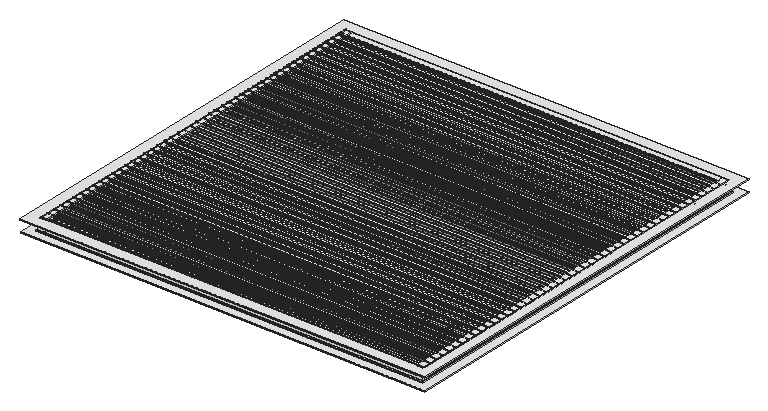
Revit family "NLRS_00_AIR_Muurrooster_ST-415_Storax", category Air Terminals, host Face, Revit 2023 (continued)
Definition of nested family "GEO_louvre_renson V-lamellen"
  Forms (mm)
    Sweep 12, solid, material <- "REN_V Material_01"
      profile "PRF_profile - middle_renson : standaard" origin (0, 360.3, 0) x (0, 1, 0) y (0, 0, 1)
        loop
          arc (-9.398, -15.534) -> (-6.542, -15.409) -> (-4.856, -13.101) r 3.3
          line (-4.856, -13.101) -> (0, -13.101) -> (0, -11.9) -> (-4.856, -11.9)
          arc (-4.856, -11.9) -> (-6.542, -9.591) -> (-9.398, -9.466) r 3.3
          arc (-9.398, -9.466) -> (-9.966, -9.531) -> (-10.476, -9.276) r 1.001
          line (-10.476, -9.276) -> (-19.576, -0.176)
          arc (-19.576, -0.176) -> (-20.425, -0.176) -> (-20.425, -1.024) r 0.6
          line (-20.425, -1.024) -> (-10.819, -10.63)
          arc (-10.819, -10.63) -> (-10.098, -10.975) -> (-9.319, -10.79) r 1.201
    Sweep 13, solid, material <- "REN_V Material_01"
      path origin (0, -169.7, 0) x (1, 0, 0) y (0, 1, 0)
        loop
          line (-490, 510) -> (490, 510)
      profile "PRF_profile - middle_renson : standaard" origin (0, 340.3, 0) x (0, 1, 0) y (0, 0, 1)
        loop
          arc (-9.319, -10.79) -> (-6.001, -12.5) -> (-9.319, -14.21) r 2.1
          arc (-9.319, -14.21) -> (-10.098, -14.025) -> (-10.819, -14.37) r 1.201
          line (-10.819, -14.37) -> (-20.425, -23.976)
          arc (-20.425, -23.976) -> (-20.425, -24.824) -> (-19.576, -24.824) r 0.6
          line (-19.576, -24.824) -> (-10.476, -15.724)
          arc (-10.476, -15.724) -> (-9.966, -15.469) -> (-9.398, -15.534) r 1.001
          arc (-9.398, -15.534) -> (-6.542, -15.409) -> (-4.856, -13.101) r 3.3
          line (-4.856, -13.101) -> (0, -13.101) -> (0, -11.9) -> (-4.856, -11.9)
          arc (-4.856, -11.9) -> (-6.542, -9.591) -> (-9.398, -9.466) r 3.3
          arc (-9.398, -9.466) -> (-9.966, -9.531) -> (-10.476, -9.276) r 1.001
          line (-10.476, -9.276) -> (-19.576, -0.176)
          arc (-19.576, -0.176) -> (-20.425, -0.176) -> (-20.425, -1.024) r 0.6
          line (-20.425, -1.024) -> (-10.819, -10.63)
          arc (-10.819, -10.63) -> (-10.098, -10.975) -> (-9.319, -10.79) r 1.201
    Sweep 14, solid, material <- "REN_V Material_01"
      path origin (0, -189.7, 0) x (1, 0, 0) y (0, 1, 0)
        loop
          line (-490, 510) -> (490, 510)
      profile "PRF_profile - middle_renson : standaard" origin (0, 320.3, 0) x (0, 1, 0) y (0, 0, 1)
        loop
          arc (-9.319, -10.79) -> (-6.001, -12.5) -> (-9.319, -14.21) r 2.1
          arc (-9.319, -14.21) -> (-10.098, -14.025) -> (-10.819, -14.37) r 1.201
          line (-10.819, -14.37) -> (-20.425, -23.976)
          arc (-20.425, -23.976) -> (-20.425, -24.824) -> (-19.576, -24.824) r 0.6
          line (-19.576, -24.824) -> (-10.476, -15.724)
          arc (-10.476, -15.724) -> (-9.966, -15.469) -> (-9.398, -15.534) r 1.001
          arc (-9.398, -15.534) -> (-6.542, -15.409) -> (-4.856, -13.101) r 3.3
          line (-4.856, -13.101) -> (0, -13.101) -> (0, -11.9) -> (-4.856, -11.9)
          arc (-4.856, -11.9) -> (-6.542, -9.591) -> (-9.398, -9.466) r 3.3
          arc (-9.398, -9.466) -> (-9.966, -9.531) -> (-10.476, -9.276) r 1.001
          line (-10.476, -9.276) -> (-19.576, -0.176)
          arc (-19.576, -0.176) -> (-20.425, -0.176) -> (-20.425, -1.024) r 0.6
          line (-20.425, -1.024) -> (-10.819, -10.63)
          arc (-10.819, -10.63) -> (-10.098, -10.975) -> (-9.319, -10.79) r 1.201
    Sweep 15, solid, material <- "REN_V Material_01"
      path origin (0, -209.7, 0) x (1, 0, 0) y (0, 1, 0)
        loop
          line (-490, 510) -> (490, 510)
      profile "PRF_profile - middle_renson : standaard" origin (0, 300.3, 0) x (0, 1, 0) y (0, 0, 1)
        loop
          arc (-9.319, -10.79) -> (-6.001, -12.5) -> (-9.319, -14.21) r 2.1
          arc (-9.319, -14.21) -> (-10.098, -14.025) -> (-10.819, -14.37) r 1.201
          line (-10.819, -14.37) -> (-20.425, -23.976)
          arc (-20.425, -23.976) -> (-20.425, -24.824) -> (-19.576, -24.824) r 0.6
          line (-19.576, -24.824) -> (-10.476, -15.724)
          arc (-10.476, -15.724) -> (-9.966, -15.469) -> (-9.398, -15.534) r 1.001
          arc (-9.398, -15.534) -> (-6.542, -15.409) -> (-4.856, -13.101) r 3.3
          line (-4.856, -13.101) -> (0, -13.101) -> (0, -11.9) -> (-4.856, -11.9)
          arc (-4.856, -11.9) -> (-6.542, -9.591) -> (-9.398, -9.466) r 3.3
          arc (-9.398, -9.466) -> (-9.966, -9.531) -> (-10.476, -9.276) r 1.001
          line (-10.476, -9.276) -> (-19.576, -0.176)
          arc (-19.576, -0.176) -> (-20.425, -0.176) -> (-20.425, -1.024) r 0.6
          line (-20.425, -1.024) -> (-10.819, -10.63)
          arc (-10.819, -10.63) -> (-10.098, -10.975) -> (-9.319, -10.79) r 1.201
    Sweep 16, solid, material <- "REN_V Material_01"
      path origin (0, -229.7, 0) x (1, 0, 0) y (0, 1, 0)
        loop
          line (-490, 510) -> (490, 510)
      profile "PRF_profile - middle_renson : standaard" origin (0, 280.3, 0) x (0, 1, 0) y (0, 0, 1)
        loop
          arc (-9.319, -10.79) -> (-6.001, -12.5) -> (-9.319, -14.21) r 2.1
          arc (-9.319, -14.21) -> (-10.098, -14.025) -> (-10.819, -14.37) r 1.201
          line (-10.819, -14.37) -> (-20.425, -23.976)
          arc (-20.425, -23.976) -> (-20.425, -24.824) -> (-19.576, -24.824) r 0.6
          line (-19.576, -24.824) -> (-10.476, -15.724)
          arc (-10.476, -15.724) -> (-9.966, -15.469) -> (-9.398, -15.534) r 1.001
          arc (-9.398, -15.534) -> (-6.542, -15.409) -> (-4.856, -13.101) r 3.3
          line (-4.856, -13.101) -> (0, -13.101) -> (0, -11.9) -> (-4.856, -11.9)
          arc (-4.856, -11.9) -> (-6.542, -9.591) -> (-9.398, -9.466) r 3.3
          arc (-9.398, -9.466) -> (-9.966, -9.531) -> (-10.476, -9.276) r 1.001
          line (-10.476, -9.276) -> (-19.576, -0.176)
          arc (-19.576, -0.176) -> (-20.425, -0.176) -> (-20.425, -1.024) r 0.6
          line (-20.425, -1.024) -> (-10.819, -10.63)
          arc (-10.819, -10.63) -> (-10.098, -10.975) -> (-9.319, -10.79) r 1.201
    Sweep 17, solid, material <- "REN_V Material_01"
      path origin (0, -249.7, 0) x (1, 0, 0) y (0, 1, 0)
        loop
          line (-490, 510) -> (490, 510)
      profile "PRF_profile - middle_renson : standaard" origin (0, 260.3, 0) x (0, 1, 0) y (0, 0, 1)
        loop
          arc (-9.319, -10.79) -> (-6.001, -12.5) -> (-9.319, -14.21) r 2.1
          arc (-9.319, -14.21) -> (-10.098, -14.025) -> (-10.819, -14.37) r 1.201
          line (-10.819, -14.37) -> (-20.425, -23.976)
          arc (-20.425, -23.976) -> (-20.425, -24.824) -> (-19.576, -24.824) r 0.6
          line (-19.576, -24.824) -> (-10.476, -15.724)
          arc (-10.476, -15.724) -> (-9.966, -15.469) -> (-9.398, -15.534) r 1.001
          arc (-9.398, -15.534) -> (-6.542, -15.409) -> (-4.856, -13.101) r 3.3
          line (-4.856, -13.101) -> (0, -13.101) -> (0, -11.9) -> (-4.856, -11.9)
          arc (-4.856, -11.9) -> (-6.542, -9.591) -> (-9.398, -9.466) r 3.3
          arc (-9.398, -9.466) -> (-9.966, -9.531) -> (-10.476, -9.276) r 1.001
          line (-10.476, -9.276) -> (-19.576, -0.176)
          arc (-19.576, -0.176) -> (-20.425, -0.176) -> (-20.425, -1.024) r 0.6
          line (-20.425, -1.024) -> (-10.819, -10.63)
          arc (-10.819, -10.63) -> (-10.098, -10.975) -> (-9.319, -10.79) r 1.201
    Sweep 18, solid, material <- "REN_V Material_01"
      path origin (0, -269.7, 0) x (1, 0, 0) y (0, 1, 0)
        loop
          line (-490, 510) -> (490, 510)
      profile "PRF_profile - middle_renson : standaard" origin (0, 240.3, 0) x (0, 1, 0) y (0, 0, 1)
        loop
          arc (-9.319, -10.79) -> (-6.001, -12.5) -> (-9.319, -14.21) r 2.1
          arc (-9.319, -14.21) -> (-10.098, -14.025) -> (-10.819, -14.37) r 1.201
          line (-10.819, -14.37) -> (-20.425, -23.976)
          arc (-20.425, -23.976) -> (-20.425, -24.824) -> (-19.576, -24.824) r 0.6
          line (-19.576, -24.824) -> (-10.476, -15.724)
          arc (-10.476, -15.724) -> (-9.966, -15.469) -> (-9.398, -15.534) r 1.001
          arc (-9.398, -15.534) -> (-6.542, -15.409) -> (-4.856, -13.101) r 3.3
          line (-4.856, -13.101) -> (0, -13.101) -> (0, -11.9) -> (-4.856, -11.9)
          arc (-4.856, -11.9) -> (-6.542, -9.591) -> (-9.398, -9.466) r 3.3
          arc (-9.398, -9.466) -> (-9.966, -9.531) -> (-10.476, -9.276) r 1.001
          line (-10.476, -9.276) -> (-19.576, -0.176)
          arc (-19.576, -0.176) -> (-20.425, -0.176) -> (-20.425, -1.024) r 0.6
          line (-20.425, -1.024) -> (-10.819, -10.63)
          arc (-10.819, -10.63) -> (-10.098, -10.975) -> (-9.319, -10.79) r 1.201
    Sweep 19, solid, material <- "REN_V Material_01"
      path origin (0, -289.7, 0) x (1, 0, 0) y (0, 1, 0)
        loop
          line (-490, 510) -> (490, 510)
      profile "PRF_profile - middle_renson : standaard" origin (0, 220.3, 0) x (0, 1, 0) y (0, 0, 1)
        loop
          arc (-9.319, -10.79) -> (-6.001, -12.5) -> (-9.319, -14.21) r 2.1
          arc (-9.319, -14.21) -> (-10.098, -14.025) -> (-10.819, -14.37) r 1.201
          line (-10.819, -14.37) -> (-20.425, -23.976)
          arc (-20.425, -23.976) -> (-20.425, -24.824) -> (-19.576, -24.824) r 0.6
          line (-19.576, -24.824) -> (-10.476, -15.724)
          arc (-10.476, -15.724) -> (-9.966, -15.469) -> (-9.398, -15.534) r 1.001
          arc (-9.398, -15.534) -> (-6.542, -15.409) -> (-4.856, -13.101) r 3.3
          line (-4.856, -13.101) -> (0, -13.101) -> (0, -11.9) -> (-4.856, -11.9)
          arc (-4.856, -11.9) -> (-6.542, -9.591) -> (-9.398, -9.466) r 3.3
          arc (-9.398, -9.466) -> (-9.966, -9.531) -> (-10.476, -9.276) r 1.001
          line (-10.476, -9.276) -> (-19.576, -0.176)
          arc (-19.576, -0.176) -> (-20.425, -0.176) -> (-20.425, -1.024) r 0.6
          line (-20.425, -1.024) -> (-10.819, -10.63)
          arc (-10.819, -10.63) -> (-10.098, -10.975) -> (-9.319, -10.79) r 1.201
    Sweep 20, solid, material <- "REN_V Material_01"
      path origin (0, -309.7, 0) x (1, 0, 0) y (0, 1, 0)
        loop
          line (-490, 510) -> (490, 510)
      profile "PRF_profile - middle_renson : standaard" origin (0, 200.3, 0) x (0, 1, 0) y (0, 0, 1)
        loop
          arc (-9.319, -10.79) -> (-6.001, -12.5) -> (-9.319, -14.21) r 2.1
          arc (-9.319, -14.21) -> (-10.098, -14.025) -> (-10.819, -14.37) r 1.201
          line (-10.819, -14.37) -> (-20.425, -23.976)
          arc (-20.425, -23.976) -> (-20.425, -24.824) -> (-19.576, -24.824) r 0.6
          line (-19.576, -24.824) -> (-10.476, -15.724)
          arc (-10.476, -15.724) -> (-9.966, -15.469) -> (-9.398, -15.534) r 1.001
          arc (-9.398, -15.534) -> (-6.542, -15.409) -> (-4.856, -13.101) r 3.3
          line (-4.856, -13.101) -> (0, -13.101) -> (0, -11.9) -> (-4.856, -11.9)
          arc (-4.856, -11.9) -> (-6.542, -9.591) -> (-9.398, -9.466) r 3.3
          arc (-9.398, -9.466) -> (-9.966, -9.531) -> (-10.476, -9.276) r 1.001
          line (-10.476, -9.276) -> (-19.576, -0.176)
          arc (-19.576, -0.176) -> (-20.425, -0.176) -> (-20.425, -1.024) r 0.6
          line (-20.425, -1.024) -> (-10.819, -10.63)
          arc (-10.819, -10.63) -> (-10.098, -10.975) -> (-9.319, -10.79) r 1.201
    Sweep 21, solid, material <- "REN_V Material_01"
      path origin (0, -329.7, 0) x (1, 0, 0) y (0, 1, 0)
        loop
          line (-490, 510) -> (490, 510)
      profile "PRF_profile - middle_renson : standaard" origin (0, 180.3, 0) x (0, 1, 0) y (0, 0, 1)
        loop
          arc (-9.319, -10.79) -> (-6.001, -12.5) -> (-9.319, -14.21) r 2.1
          arc (-9.319, -14.21) -> (-10.098, -14.025) -> (-10.819, -14.37) r 1.201
          line (-10.819, -14.37) -> (-20.425, -23.976)
          arc (-20.425, -23.976) -> (-20.425, -24.824) -> (-19.576, -24.824) r 0.6
          line (-19.576, -24.824) -> (-10.476, -15.724)
          arc (-10.476, -15.724) -> (-9.966, -15.469) -> (-9.398, -15.534) r 1.001
          arc (-9.398, -15.534) -> (-6.542, -15.409) -> (-4.856, -13.101) r 3.3
          line (-4.856, -13.101) -> (0, -13.101) -> (0, -11.9) -> (-4.856, -11.9)
          arc (-4.856, -11.9) -> (-6.542, -9.591) -> (-9.398, -9.466) r 3.3
          arc (-9.398, -9.466) -> (-9.966, -9.531) -> (-10.476, -9.276) r 1.001
          line (-10.476, -9.276) -> (-19.576, -0.176)
          arc (-19.576, -0.176) -> (-20.425, -0.176) -> (-20.425, -1.024) r 0.6
          line (-20.425, -1.024) -> (-10.819, -10.63)
          arc (-10.819, -10.63) -> (-10.098, -10.975) -> (-9.319, -10.79) r 1.201
    Sweep 22, solid, material <- "REN_V Material_01"
      path origin (0, -349.7, 0) x (1, 0, 0) y (0, 1, 0)
        loop
          line (-490, 510) -> (490, 510)
      profile "PRF_profile - middle_renson : standaard" origin (0, 160.3, 0) x (0, 1, 0) y (0, 0, 1)
        loop
          arc (-9.319, -10.79) -> (-6.001, -12.5) -> (-9.319, -14.21) r 2.1
          arc (-9.319, -14.21) -> (-10.098, -14.025) -> (-10.819, -14.37) r 1.201
          line (-10.819, -14.37) -> (-20.425, -23.976)
          arc (-20.425, -23.976) -> (-20.425, -24.824) -> (-19.576, -24.824) r 0.6
          line (-19.576, -24.824) -> (-10.476, -15.724)
          arc (-10.476, -15.724) -> (-9.966, -15.469) -> (-9.398, -15.534) r 1.001
          arc (-9.398, -15.534) -> (-6.542, -15.409) -> (-4.856, -13.101) r 3.3
          line (-4.856, -13.101) -> (0, -13.101) -> (0, -11.9) -> (-4.856, -11.9)
          arc (-4.856, -11.9) -> (-6.542, -9.591) -> (-9.398, -9.466) r 3.3
          arc (-9.398, -9.466) -> (-9.966, -9.531) -> (-10.476, -9.276) r 1.001
          line (-10.476, -9.276) -> (-19.576, -0.176)
          arc (-19.576, -0.176) -> (-20.425, -0.176) -> (-20.425, -1.024) r 0.6
          line (-20.425, -1.024) -> (-10.819, -10.63)
          arc (-10.819, -10.63) -> (-10.098, -10.975) -> (-9.319, -10.79) r 1.201
    Sweep 23, solid, material <- "REN_V Material_01"
      path origin (0, -369.7, 0) x (1, 0, 0) y (0, 1, 0)
        loop
          line (-490, 510) -> (490, 510)
      profile "PRF_profile - middle_renson : standaard" origin (0, 140.3, 0) x (0, 1, 0) y (0, 0, 1)
        loop
          arc (-9.319, -10.79) -> (-6.001, -12.5) -> (-9.319, -14.21) r 2.1
          arc (-9.319, -14.21) -> (-10.098, -14.025) -> (-10.819, -14.37) r 1.201
          line (-10.819, -14.37) -> (-20.425, -23.976)
          arc (-20.425, -23.976) -> (-20.425, -24.824) -> (-19.576, -24.824) r 0.6
          line (-19.576, -24.824) -> (-10.476, -15.724)
          arc (-10.476, -15.724) -> (-9.966, -15.469) -> (-9.398, -15.534) r 1.001
          arc (-9.398, -15.534) -> (-6.542, -15.409) -> (-4.856, -13.101) r 3.3
          line (-4.856, -13.101) -> (0, -13.101) -> (0, -11.9) -> (-4.856, -11.9)
          arc (-4.856, -11.9) -> (-6.542, -9.591) -> (-9.398, -9.466) r 3.3
          arc (-9.398, -9.466) -> (-9.966, -9.531) -> (-10.476, -9.276) r 1.001
          line (-10.476, -9.276) -> (-19.576, -0.176)
          arc (-19.576, -0.176) -> (-20.425, -0.176) -> (-20.425, -1.024) r 0.6
          line (-20.425, -1.024) -> (-10.819, -10.63)
          arc (-10.819, -10.63) -> (-10.098, -10.975) -> (-9.319, -10.79) r 1.201
    Sweep 24, solid, material <- "REN_V Material_01"
      path origin (0, -389.7, 0) x (1, 0, 0) y (0, 1, 0)
        loop
          line (-490, 510) -> (490, 510)
      profile "PRF_profile - middle_renson : standaard" origin (0, 120.3, 0) x (0, 1, 0) y (0, 0, 1)
        loop
          arc (-9.319, -10.79) -> (-6.001, -12.5) -> (-9.319, -14.21) r 2.1
          arc (-9.319, -14.21) -> (-10.098, -14.025) -> (-10.819, -14.37) r 1.201
          line (-10.819, -14.37) -> (-20.425, -23.976)
          arc (-20.425, -23.976) -> (-20.425, -24.824) -> (-19.576, -24.824) r 0.6
          line (-19.576, -24.824) -> (-10.476, -15.724)
          arc (-10.476, -15.724) -> (-9.966, -15.469) -> (-9.398, -15.534) r 1.001
          arc (-9.398, -15.534) -> (-6.542, -15.409) -> (-4.856, -13.101) r 3.3
          line (-4.856, -13.101) -> (0, -13.101) -> (0, -11.9) -> (-4.856, -11.9)
          arc (-4.856, -11.9) -> (-6.542, -9.591) -> (-9.398, -9.466) r 3.3
          arc (-9.398, -9.466) -> (-9.966, -9.531) -> (-10.476, -9.276) r 1.001
          line (-10.476, -9.276) -> (-19.576, -0.176)
          arc (-19.576, -0.176) -> (-20.425, -0.176) -> (-20.425, -1.024) r 0.6
          line (-20.425, -1.024) -> (-10.819, -10.63)
          arc (-10.819, -10.63) -> (-10.098, -10.975) -> (-9.319, -10.79) r 1.201
    Sweep 25, solid, material <- "REN_V Material_01"
      path origin (0, -409.7, 0) x (1, 0, 0) y (0, 1, 0)
        loop
          line (-490, 510) -> (490, 510)
      profile "PRF_profile - middle_renson : standaard" origin (0, 100.3, 0) x (0, 1, 0) y (0, 0, 1)
        loop
          arc (-9.319, -10.79) -> (-6.001, -12.5) -> (-9.319, -14.21) r 2.1
          arc (-9.319, -14.21) -> (-10.098, -14.025) -> (-10.819, -14.37) r 1.201
          line (-10.819, -14.37) -> (-20.425, -23.976)
          arc (-20.425, -23.976) -> (-20.425, -24.824) -> (-19.576, -24.824) r 0.6
          line (-19.576, -24.824) -> (-10.476, -15.724)
          arc (-10.476, -15.724) -> (-9.966, -15.469) -> (-9.398, -15.534) r 1.001
          arc (-9.398, -15.534) -> (-6.542, -15.409) -> (-4.856, -13.101) r 3.3
          line (-4.856, -13.101) -> (0, -13.101) -> (0, -11.9) -> (-4.856, -11.9)
          arc (-4.856, -11.9) -> (-6.542, -9.591) -> (-9.398, -9.466) r 3.3
          arc (-9.398, -9.466) -> (-9.966, -9.531) -> (-10.476, -9.276) r 1.001
          line (-10.476, -9.276) -> (-19.576, -0.176)
          arc (-19.576, -0.176) -> (-20.425, -0.176) -> (-20.425, -1.024) r 0.6
          line (-20.425, -1.024) -> (-10.819, -10.63)
          arc (-10.819, -10.63) -> (-10.098, -10.975) -> (-9.319, -10.79) r 1.201
    Sweep 26, solid, material <- "REN_V Material_01"
      path origin (0, -429.7, 0) x (1, 0, 0) y (0, 1, 0)
        loop
          line (-490, 510) -> (490, 510)
      profile "PRF_profile - middle_renson : standaard" origin (0, 80.3, 0) x (0, 1, 0) y (0, 0, 1)
        loop
          arc (-9.319, -10.79) -> (-6.001, -12.5) -> (-9.319, -14.21) r 2.1
          arc (-9.319, -14.21) -> (-10.098, -14.025) -> (-10.819, -14.37) r 1.201
          line (-10.819, -14.37) -> (-20.425, -23.976)
          arc (-20.425, -23.976) -> (-20.425, -24.824) -> (-19.576, -24.824) r 0.6
          line (-19.576, -24.824) -> (-10.476, -15.724)
          arc (-10.476, -15.724) -> (-9.966, -15.469) -> (-9.398, -15.534) r 1.001
          arc (-9.398, -15.534) -> (-6.542, -15.409) -> (-4.856, -13.101) r 3.3
          line (-4.856, -13.101) -> (0, -13.101) -> (0, -11.9) -> (-4.856, -11.9)
          arc (-4.856, -11.9) -> (-6.542, -9.591) -> (-9.398, -9.466) r 3.3
          arc (-9.398, -9.466) -> (-9.966, -9.531) -> (-10.476, -9.276) r 1.001
          line (-10.476, -9.276) -> (-19.576, -0.176)
          arc (-19.576, -0.176) -> (-20.425, -0.176) -> (-20.425, -1.024) r 0.6
          line (-20.425, -1.024) -> (-10.819, -10.63)
          arc (-10.819, -10.63) -> (-10.098, -10.975) -> (-9.319, -10.79) r 1.201
    Sweep 27, solid, material <- "REN_V Material_01"
      path origin (0, -449.7, 0) x (1, 0, 0) y (0, 1, 0)
        loop
          line (-490, 510) -> (490, 510)
      profile "PRF_profile - middle_renson : standaard" origin (0, 60.3, 0) x (0, 1, 0) y (0, 0, 1)
        loop
          arc (-9.319, -10.79) -> (-6.001, -12.5) -> (-9.319, -14.21) r 2.1
          arc (-9.319, -14.21) -> (-10.098, -14.025) -> (-10.819, -14.37) r 1.201
          line (-10.819, -14.37) -> (-20.425, -23.976)
          arc (-20.425, -23.976) -> (-20.425, -24.824) -> (-19.576, -24.824) r 0.6
          line (-19.576, -24.824) -> (-10.476, -15.724)
          arc (-10.476, -15.724) -> (-9.966, -15.469) -> (-9.398, -15.534) r 1.001
          arc (-9.398, -15.534) -> (-6.542, -15.409) -> (-4.856, -13.101) r 3.3
          line (-4.856, -13.101) -> (0, -13.101) -> (0, -11.9) -> (-4.856, -11.9)
          arc (-4.856, -11.9) -> (-6.542, -9.591) -> (-9.398, -9.466) r 3.3
          arc (-9.398, -9.466) -> (-9.966, -9.531) -> (-10.476, -9.276) r 1.001
          line (-10.476, -9.276) -> (-19.576, -0.176)
          arc (-19.576, -0.176) -> (-20.425, -0.176) -> (-20.425, -1.024) r 0.6
          line (-20.425, -1.024) -> (-10.819, -10.63)
          arc (-10.819, -10.63) -> (-10.098, -10.975) -> (-9.319, -10.79) r 1.201
    Sweep 28, solid, material <- "REN_V Material_01"
      path origin (0, -469.7, 0) x (1, 0, 0) y (0, 1, 0)
        loop
          line (-490, 510) -> (490, 510)
      profile "PRF_profile - middle_renson : standaard" origin (0, 40.3, 0) x (0, 1, 0) y (0, 0, 1)
        loop
          arc (-9.319, -10.79) -> (-6.001, -12.5) -> (-9.319, -14.21) r 2.1
          arc (-9.319, -14.21) -> (-10.098, -14.025) -> (-10.819, -14.37) r 1.201
          line (-10.819, -14.37) -> (-20.425, -23.976)
          arc (-20.425, -23.976) -> (-20.425, -24.824) -> (-19.576, -24.824) r 0.6
          line (-19.576, -24.824) -> (-10.476, -15.724)
          arc (-10.476, -15.724) -> (-9.966, -15.469) -> (-9.398, -15.534) r 1.001
          arc (-9.398, -15.534) -> (-6.542, -15.409) -> (-4.856, -13.101) r 3.3
          line (-4.856, -13.101) -> (0, -13.101) -> (0, -11.9) -> (-4.856, -11.9)
          arc (-4.856, -11.9) -> (-6.542, -9.591) -> (-9.398, -9.466) r 3.3
          arc (-9.398, -9.466) -> (-9.966, -9.531) -> (-10.476, -9.276) r 1.001
          line (-10.476, -9.276) -> (-19.576, -0.176)
          arc (-19.576, -0.176) -> (-20.425, -0.176) -> (-20.425, -1.024) r 0.6
          line (-20.425, -1.024) -> (-10.819, -10.63)
          arc (-10.819, -10.63) -> (-10.098, -10.975) -> (-9.319, -10.79) r 1.201
    Sweep 29, solid, material <- "REN_V Material_01"
      path origin (0, -489.7, 0) x (1, 0, 0) y (0, 1, 0)
        loop
          line (-490, 510) -> (490, 510)
      profile "PRF_profile - middle_renson : standaard" origin (0, 20.3, 0) x (0, 1, 0) y (0, 0, 1)
        loop
          arc (-9.319, -10.79) -> (-6.001, -12.5) -> (-9.319, -14.21) r 2.1
          arc (-9.319, -14.21) -> (-10.098, -14.025) -> (-10.819, -14.37) r 1.201
          line (-10.819, -14.37) -> (-20.425, -23.976)
          arc (-20.425, -23.976) -> (-20.425, -24.824) -> (-19.576, -24.824) r 0.6
          line (-19.576, -24.824) -> (-10.476, -15.724)
          arc (-10.476, -15.724) -> (-9.966, -15.469) -> (-9.398, -15.534) r 1.001
          arc (-9.398, -15.534) -> (-6.542, -15.409) -> (-4.856, -13.101) r 3.3
          line (-4.856, -13.101) -> (0, -13.101) -> (0, -11.9) -> (-4.856, -11.9)
          arc (-4.856, -11.9) -> (-6.542, -9.591) -> (-9.398, -9.466) r 3.3
          arc (-9.398, -9.466) -> (-9.966, -9.531) -> (-10.476, -9.276) r 1.001
          line (-10.476, -9.276) -> (-19.576, -0.176)
          arc (-19.576, -0.176) -> (-20.425, -0.176) -> (-20.425, -1.024) r 0.6
          line (-20.425, -1.024) -> (-10.819, -10.63)
          arc (-10.819, -10.63) -> (-10.098, -10.975) -> (-9.319, -10.79) r 1.201
    Sweep 30, solid, material <- "REN_V Material_01"
      path origin (0, -509.7, 0) x (1, 0, 0) y (0, 1, 0)
        loop
          line (-490, 510) -> (490, 510)
      profile "PRF_profile - middle_renson : standaard" origin (0, 0.3, 0) x (0, 1, 0) y (0, 0, 1)
        loop
          arc (-9.319, -10.79) -> (-6.001, -12.5) -> (-9.319, -14.21) r 2.1
          arc (-9.319, -14.21) -> (-10.098, -14.025) -> (-10.819, -14.37) r 1.201
          line (-10.819, -14.37) -> (-20.425, -23.976)
          arc (-20.425, -23.976) -> (-20.425, -24.824) -> (-19.576, -24.824) r 0.6
          line (-19.576, -24.824) -> (-10.476, -15.724)
          arc (-10.476, -15.724) -> (-9.966, -15.469) -> (-9.398, -15.534) r 1.001
          arc (-9.398, -15.534) -> (-6.542, -15.409) -> (-4.856, -13.101) r 3.3
          line (-4.856, -13.101) -> (0, -13.101) -> (0, -11.9) -> (-4.856, -11.9)
          arc (-4.856, -11.9) -> (-6.542, -9.591) -> (-9.398, -9.466) r 3.3
          arc (-9.398, -9.466) -> (-9.966, -9.531) -> (-10.476, -9.276) r 1.001
          line (-10.476, -9.276) -> (-19.576, -0.176)
          arc (-19.576, -0.176) -> (-20.425, -0.176) -> (-20.425, -1.024) r 0.6
          line (-20.425, -1.024) -> (-10.819, -10.63)
          arc (-10.819, -10.63) -> (-10.098, -10.975) -> (-9.319, -10.79) r 1.201
    Sweep 31, solid, material <- "REN_V Material_01"
      path origin (0, -529.7, 0) x (1, 0, 0) y (0, 1, 0)
        loop
          line (-490, 510) -> (490, 510)
      profile "PRF_profile - middle_renson : standaard" origin (0, -19.7, 0) x (0, 1, 0) y (0, 0, 1)
        loop
          arc (-9.319, -10.79) -> (-6.001, -12.5) -> (-9.319, -14.21) r 2.1
          arc (-9.319, -14.21) -> (-10.098, -14.025) -> (-10.819, -14.37) r 1.201
          line (-10.819, -14.37) -> (-20.425, -23.976)
          arc (-20.425, -23.976) -> (-20.425, -24.824) -> (-19.576, -24.824) r 0.6
          line (-19.576, -24.824) -> (-10.476, -15.724)
          arc (-10.476, -15.724) -> (-9.966, -15.469) -> (-9.398, -15.534) r 1.001
          arc (-9.398, -15.534) -> (-6.542, -15.409) -> (-4.856, -13.101) r 3.3
          line (-4.856, -13.101) -> (0, -13.101) -> (0, -11.9) -> (-4.856, -11.9)
          arc (-4.856, -11.9) -> (-6.542, -9.591) -> (-9.398, -9.466) r 3.3
          arc (-9.398, -9.466) -> (-9.966, -9.531) -> (-10.476, -9.276) r 1.001
          line (-10.476, -9.276) -> (-19.576, -0.176)
          arc (-19.576, -0.176) -> (-20.425, -0.176) -> (-20.425, -1.024) r 0.6
          line (-20.425, -1.024) -> (-10.819, -10.63)
          arc (-10.819, -10.63) -> (-10.098, -10.975) -> (-9.319, -10.79) r 1.201
    Sweep 32, solid, material <- "REN_V Material_01"
      path origin (0, -549.7, 0) x (1, 0, 0) y (0, 1, 0)
        loop
          line (-490, 510) -> (490, 510)
      profile "PRF_profile - middle_renson : standaard" origin (0, -39.7, 0) x (0, 1, 0) y (0, 0, 1)
        loop
          arc (-9.319, -10.79) -> (-6.001, -12.5) -> (-9.319, -14.21) r 2.1
          arc (-9.319, -14.21) -> (-10.098, -14.025) -> (-10.819, -14.37) r 1.201
          line (-10.819, -14.37) -> (-20.425, -23.976)
          arc (-20.425, -23.976) -> (-20.425, -24.824) -> (-19.576, -24.824) r 0.6
          line (-19.576, -24.824) -> (-10.476, -15.724)
          arc (-10.476, -15.724) -> (-9.966, -15.469) -> (-9.398, -15.534) r 1.001
          arc (-9.398, -15.534) -> (-6.542, -15.409) -> (-4.856, -13.101) r 3.3
          line (-4.856, -13.101) -> (0, -13.101) -> (0, -11.9) -> (-4.856, -11.9)
          arc (-4.856, -11.9) -> (-6.542, -9.591) -> (-9.398, -9.466) r 3.3
          arc (-9.398, -9.466) -> (-9.966, -9.531) -> (-10.476, -9.276) r 1.001
          line (-10.476, -9.276) -> (-19.576, -0.176)
          arc (-19.576, -0.176) -> (-20.425, -0.176) -> (-20.425, -1.024) r 0.6
          line (-20.425, -1.024) -> (-10.819, -10.63)
          arc (-10.819, -10.63) -> (-10.098, -10.975) -> (-9.319, -10.79) r 1.201
    Sweep 33, solid, material <- "REN_V Material_01"
      path origin (0, -569.7, 0) x (1, 0, 0) y (0, 1, 0)
        loop
          line (-490, 510) -> (490, 510)
      profile "PRF_profile - middle_renson : standaard" origin (0, -59.7, 0) x (0, 1, 0) y (0, 0, 1)
        loop
          arc (-9.319, -10.79) -> (-6.001, -12.5) -> (-9.319, -14.21) r 2.1
          arc (-9.319, -14.21) -> (-10.098, -14.025) -> (-10.819, -14.37) r 1.201
          line (-10.819, -14.37) -> (-20.425, -23.976)
          arc (-20.425, -23.976) -> (-20.425, -24.824) -> (-19.576, -24.824) r 0.6
          line (-19.576, -24.824) -> (-10.476, -15.724)
          arc (-10.476, -15.724) -> (-9.966, -15.469) -> (-9.398, -15.534) r 1.001
          arc (-9.398, -15.534) -> (-6.542, -15.409) -> (-4.856, -13.101) r 3.3
          line (-4.856, -13.101) -> (0, -13.101) -> (0, -11.9) -> (-4.856, -11.9)
          arc (-4.856, -11.9) -> (-6.542, -9.591) -> (-9.398, -9.466) r 3.3
          arc (-9.398, -9.466) -> (-9.966, -9.531) -> (-10.476, -9.276) r 1.001
          line (-10.476, -9.276) -> (-19.576, -0.176)
          arc (-19.576, -0.176) -> (-20.425, -0.176) -> (-20.425, -1.024) r 0.6
          line (-20.425, -1.024) -> (-10.819, -10.63)
          arc (-10.819, -10.63) -> (-10.098, -10.975) -> (-9.319, -10.79) r 1.201
    Sweep 34, solid, material <- "REN_V Material_01"
      path origin (0, -589.7, 0) x (1, 0, 0) y (0, 1, 0)
        loop
          line (-490, 510) -> (490, 510)
      profile "PRF_profile - middle_renson : standaard" origin (0, -79.7, 0) x (0, 1, 0) y (0, 0, 1)
        loop
          arc (-9.319, -10.79) -> (-6.001, -12.5) -> (-9.319, -14.21) r 2.1
          arc (-9.319, -14.21) -> (-10.098, -14.025) -> (-10.819, -14.37) r 1.201
          line (-10.819, -14.37) -> (-20.425, -23.976)
          arc (-20.425, -23.976) -> (-20.425, -24.824) -> (-19.576, -24.824) r 0.6
          line (-19.576, -24.824) -> (-10.476, -15.724)
          arc (-10.476, -15.724) -> (-9.966, -15.469) -> (-9.398, -15.534) r 1.001
          arc (-9.398, -15.534) -> (-6.542, -15.409) -> (-4.856, -13.101) r 3.3
          line (-4.856, -13.101) -> (0, -13.101) -> (0, -11.9) -> (-4.856, -11.9)
          arc (-4.856, -11.9) -> (-6.542, -9.591) -> (-9.398, -9.466) r 3.3
          arc (-9.398, -9.466) -> (-9.966, -9.531) -> (-10.476, -9.276) r 1.001
          line (-10.476, -9.276) -> (-19.576, -0.176)
          arc (-19.576, -0.176) -> (-20.425, -0.176) -> (-20.425, -1.024) r 0.6
          line (-20.425, -1.024) -> (-10.819, -10.63)
          arc (-10.819, -10.63) -> (-10.098, -10.975) -> (-9.319, -10.79) r 1.201
    Sweep 35, solid, material <- "REN_V Material_01"
      path origin (0, -609.7, 0) x (1, 0, 0) y (0, 1, 0)
        loop
          line (-490, 510) -> (490, 510)
      profile "PRF_profile - middle_renson : standaard" origin (0, -99.7, 0) x (0, 1, 0) y (0, 0, 1)
        loop
          arc (-9.319, -10.79) -> (-6.001, -12.5) -> (-9.319, -14.21) r 2.1
          arc (-9.319, -14.21) -> (-10.098, -14.025) -> (-10.819, -14.37) r 1.201
          line (-10.819, -14.37) -> (-20.425, -23.976)
          arc (-20.425, -23.976) -> (-20.425, -24.824) -> (-19.576, -24.824) r 0.6
          line (-19.576, -24.824) -> (-10.476, -15.724)
          arc (-10.476, -15.724) -> (-9.966, -15.469) -> (-9.398, -15.534) r 1.001
          arc (-9.398, -15.534) -> (-6.542, -15.409) -> (-4.856, -13.101) r 3.3
          line (-4.856, -13.101) -> (0, -13.101) -> (0, -11.9) -> (-4.856, -11.9)
          arc (-4.856, -11.9) -> (-6.542, -9.591) -> (-9.398, -9.466) r 3.3
          arc (-9.398, -9.466) -> (-9.966, -9.531) -> (-10.476, -9.276) r 1.001
          line (-10.476, -9.276) -> (-19.576, -0.176)
          arc (-19.576, -0.176) -> (-20.425, -0.176) -> (-20.425, -1.024) r 0.6
          line (-20.425, -1.024) -> (-10.819, -10.63)
          arc (-10.819, -10.63) -> (-10.098, -10.975) -> (-9.319, -10.79) r 1.201
    Sweep 36, solid, material <- "REN_V Material_01"
      path origin (0, -629.7, 0) x (1, 0, 0) y (0, 1, 0)
        loop
          line (-490, 510) -> (490, 510)
      profile "PRF_profile - middle_renson : standaard" origin (0, -119.7, 0) x (0, 1, 0) y (0, 0, 1)
        loop
          arc (-9.319, -10.79) -> (-6.001, -12.5) -> (-9.319, -14.21) r 2.1
          arc (-9.319, -14.21) -> (-10.098, -14.025) -> (-10.819, -14.37) r 1.201
          line (-10.819, -14.37) -> (-20.425, -23.976)
          arc (-20.425, -23.976) -> (-20.425, -24.824) -> (-19.576, -24.824) r 0.6
          line (-19.576, -24.824) -> (-10.476, -15.724)
          arc (-10.476, -15.724) -> (-9.966, -15.469) -> (-9.398, -15.534) r 1.001
          arc (-9.398, -15.534) -> (-6.542, -15.409) -> (-4.856, -13.101) r 3.3
          line (-4.856, -13.101) -> (0, -13.101) -> (0, -11.9) -> (-4.856, -11.9)
          arc (-4.856, -11.9) -> (-6.542, -9.591) -> (-9.398, -9.466) r 3.3
          arc (-9.398, -9.466) -> (-9.966, -9.531) -> (-10.476, -9.276) r 1.001
          line (-10.476, -9.276) -> (-19.576, -0.176)
          arc (-19.576, -0.176) -> (-20.425, -0.176) -> (-20.425, -1.024) r 0.6
          line (-20.425, -1.024) -> (-10.819, -10.63)
          arc (-10.819, -10.63) -> (-10.098, -10.975) -> (-9.319, -10.79) r 1.201
    Sweep 37, solid, material <- "REN_V Material_01"
      path origin (0, -649.7, 0) x (1, 0, 0) y (0, 1, 0)
        loop
          line (-490, 510) -> (490, 510)
      profile "PRF_profile - middle_renson : standaard" origin (0, -139.7, 0) x (0, 1, 0) y (0, 0, 1)
        loop
          arc (-9.319, -10.79) -> (-6.001, -12.5) -> (-9.319, -14.21) r 2.1
          arc (-9.319, -14.21) -> (-10.098, -14.025) -> (-10.819, -14.37) r 1.201
          line (-10.819, -14.37) -> (-20.425, -23.976)
          arc (-20.425, -23.976) -> (-20.425, -24.824) -> (-19.576, -24.824) r 0.6
          line (-19.576, -24.824) -> (-10.476, -15.724)
          arc (-10.476, -15.724) -> (-9.966, -15.469) -> (-9.398, -15.534) r 1.001
          arc (-9.398, -15.534) -> (-6.542, -15.409) -> (-4.856, -13.101) r 3.3
          line (-4.856, -13.101) -> (0, -13.101) -> (0, -11.9) -> (-4.856, -11.9)
          arc (-4.856, -11.9) -> (-6.542, -9.591) -> (-9.398, -9.466) r 3.3
          arc (-9.398, -9.466) -> (-9.966, -9.531) -> (-10.476, -9.276) r 1.001
          line (-10.476, -9.276) -> (-19.576, -0.176)
          arc (-19.576, -0.176) -> (-20.425, -0.176) -> (-20.425, -1.024) r 0.6
          line (-20.425, -1.024) -> (-10.819, -10.63)
          arc (-10.819, -10.63) -> (-10.098, -10.975) -> (-9.319, -10.79) r 1.201
    Sweep 38, solid, material <- "REN_V Material_01"
      path origin (0, -669.7, 0) x (1, 0, 0) y (0, 1, 0)
        loop
          line (-490, 510) -> (490, 510)
      profile "PRF_profile - middle_renson : standaard" origin (0, -159.7, 0) x (0, 1, 0) y (0, 0, 1)
        loop
          arc (-9.319, -10.79) -> (-6.001, -12.5) -> (-9.319, -14.21) r 2.1
          arc (-9.319, -14.21) -> (-10.098, -14.025) -> (-10.819, -14.37) r 1.201
          line (-10.819, -14.37) -> (-20.425, -23.976)
          arc (-20.425, -23.976) -> (-20.425, -24.824) -> (-19.576, -24.824) r 0.6
          line (-19.576, -24.824) -> (-10.476, -15.724)
          arc (-10.476, -15.724) -> (-9.966, -15.469) -> (-9.398, -15.534) r 1.001
          arc (-9.398, -15.534) -> (-6.542, -15.409) -> (-4.856, -13.101) r 3.3
          line (-4.856, -13.101) -> (0, -13.101) -> (0, -11.9) -> (-4.856, -11.9)
          arc (-4.856, -11.9) -> (-6.542, -9.591) -> (-9.398, -9.466) r 3.3
          arc (-9.398, -9.466) -> (-9.966, -9.531) -> (-10.476, -9.276) r 1.001
          line (-10.476, -9.276) -> (-19.576, -0.176)
          arc (-19.576, -0.176) -> (-20.425, -0.176) -> (-20.425, -1.024) r 0.6
          line (-20.425, -1.024) -> (-10.819, -10.63)
          arc (-10.819, -10.63) -> (-10.098, -10.975) -> (-9.319, -10.79) r 1.201
    Sweep 39, solid, material <- "REN_V Material_01"
      path origin (0, -689.7, 0) x (1, 0, 0) y (0, 1, 0)
        loop
          line (-490, 510) -> (490, 510)
      profile "PRF_profile - middle_renson : standaard" origin (0, -179.7, 0) x (0, 1, 0) y (0, 0, 1)
        loop
          arc (-9.319, -10.79) -> (-6.001, -12.5) -> (-9.319, -14.21) r 2.1
          arc (-9.319, -14.21) -> (-10.098, -14.025) -> (-10.819, -14.37) r 1.201
          line (-10.819, -14.37) -> (-20.425, -23.976)
          arc (-20.425, -23.976) -> (-20.425, -24.824) -> (-19.576, -24.824) r 0.6
          line (-19.576, -24.824) -> (-10.476, -15.724)
          arc (-10.476, -15.724) -> (-9.966, -15.469) -> (-9.398, -15.534) r 1.001
          arc (-9.398, -15.534) -> (-6.542, -15.409) -> (-4.856, -13.101) r 3.3
          line (-4.856, -13.101) -> (0, -13.101) -> (0, -11.9) -> (-4.856, -11.9)
          arc (-4.856, -11.9) -> (-6.542, -9.591) -> (-9.398, -9.466) r 3.3
          arc (-9.398, -9.466) -> (-9.966, -9.531) -> (-10.476, -9.276) r 1.001
          line (-10.476, -9.276) -> (-19.576, -0.176)
          arc (-19.576, -0.176) -> (-20.425, -0.176) -> (-20.425, -1.024) r 0.6
          line (-20.425, -1.024) -> (-10.819, -10.63)
          arc (-10.819, -10.63) -> (-10.098, -10.975) -> (-9.319, -10.79) r 1.201
    Sweep 40, solid, material <- "REN_V Material_01"
      path origin (0, -709.7, 0) x (1, 0, 0) y (0, 1, 0)
        loop
          line (-490, 510) -> (490, 510)
      profile "PRF_profile - middle_renson : standaard" origin (0, -199.7, 0) x (0, 1, 0) y (0, 0, 1)
        loop
          arc (-9.319, -10.79) -> (-6.001, -12.5) -> (-9.319, -14.21) r 2.1
          arc (-9.319, -14.21) -> (-10.098, -14.025) -> (-10.819, -14.37) r 1.201
          line (-10.819, -14.37) -> (-20.425, -23.976)
          arc (-20.425, -23.976) -> (-20.425, -24.824) -> (-19.576, -24.824) r 0.6
          line (-19.576, -24.824) -> (-10.476, -15.724)
          arc (-10.476, -15.724) -> (-9.966, -15.469) -> (-9.398, -15.534) r 1.001
          arc (-9.398, -15.534) -> (-6.542, -15.409) -> (-4.856, -13.101) r 3.3
          line (-4.856, -13.101) -> (0, -13.101) -> (0, -11.9) -> (-4.856, -11.9)
          arc (-4.856, -11.9) -> (-6.542, -9.591) -> (-9.398, -9.466) r 3.3
          arc (-9.398, -9.466) -> (-9.966, -9.531) -> (-10.476, -9.276) r 1.001
          line (-10.476, -9.276) -> (-19.576, -0.176)
          arc (-19.576, -0.176) -> (-20.425, -0.176) -> (-20.425, -1.024) r 0.6
          line (-20.425, -1.024) -> (-10.819, -10.63)
          arc (-10.819, -10.63) -> (-10.098, -10.975) -> (-9.319, -10.79) r 1.201
    Sweep 41, solid, material <- "REN_V Material_01"
      path origin (0, -729.7, 0) x (1, 0, 0) y (0, 1, 0)
        loop
          line (-490, 510) -> (490, 510)
      profile "PRF_profile - middle_renson : standaard" origin (0, -219.7, 0) x (0, 1, 0) y (0, 0, 1)
        loop
          arc (-9.319, -10.79) -> (-6.001, -12.5) -> (-9.319, -14.21) r 2.1
          arc (-9.319, -14.21) -> (-10.098, -14.025) -> (-10.819, -14.37) r 1.201
          line (-10.819, -14.37) -> (-20.425, -23.976)
          arc (-20.425, -23.976) -> (-20.425, -24.824) -> (-19.576, -24.824) r 0.6
          line (-19.576, -24.824) -> (-10.476, -15.724)
          arc (-10.476, -15.724) -> (-9.966, -15.469) -> (-9.398, -15.534) r 1.001
          arc (-9.398, -15.534) -> (-6.542, -15.409) -> (-4.856, -13.101) r 3.3
          line (-4.856, -13.101) -> (0, -13.101) -> (0, -11.9) -> (-4.856, -11.9)
          arc (-4.856, -11.9) -> (-6.542, -9.591) -> (-9.398, -9.466) r 3.3
          arc (-9.398, -9.466) -> (-9.966, -9.531) -> (-10.476, -9.276) r 1.001
          line (-10.476, -9.276) -> (-19.576, -0.176)
          arc (-19.576, -0.176) -> (-20.425, -0.176) -> (-20.425, -1.024) r 0.6
          line (-20.425, -1.024) -> (-10.819, -10.63)
          arc (-10.819, -10.63) -> (-10.098, -10.975) -> (-9.319, -10.79) r 1.201
    Sweep 42, solid, material <- "REN_V Material_01"
      path origin (0, -749.7, 0) x (1, 0, 0) y (0, 1, 0)
        loop
          line (-490, 510) -> (490, 510)
      profile "PRF_profile - middle_renson : standaard" origin (0, -239.7, 0) x (0, 1, 0) y (0, 0, 1)
        loop
          arc (-9.319, -10.79) -> (-6.001, -12.5) -> (-9.319, -14.21) r 2.1
          arc (-9.319, -14.21) -> (-10.098, -14.025) -> (-10.819, -14.37) r 1.201
          line (-10.819, -14.37) -> (-20.425, -23.976)
          arc (-20.425, -23.976) -> (-20.425, -24.824) -> (-19.576, -24.824) r 0.6
          line (-19.576, -24.824) -> (-10.476, -15.724)
          arc (-10.476, -15.724) -> (-9.966, -15.469) -> (-9.398, -15.534) r 1.001
          arc (-9.398, -15.534) -> (-6.542, -15.409) -> (-4.856, -13.101) r 3.3
          line (-4.856, -13.101) -> (0, -13.101) -> (0, -11.9) -> (-4.856, -11.9)
          arc (-4.856, -11.9) -> (-6.542, -9.591) -> (-9.398, -9.466) r 3.3
          arc (-9.398, -9.466) -> (-9.966, -9.531) -> (-10.476, -9.276) r 1.001
          line (-10.476, -9.276) -> (-19.576, -0.176)
          arc (-19.576, -0.176) -> (-20.425, -0.176) -> (-20.425, -1.024) r 0.6
          line (-20.425, -1.024) -> (-10.819, -10.63)
          arc (-10.819, -10.63) -> (-10.098, -10.975) -> (-9.319, -10.79) r 1.201
    Sweep 43, solid, material <- "REN_V Material_01"
      path origin (0, -769.7, 0) x (1, 0, 0) y (0, 1, 0)
        loop
          line (-490, 510) -> (490, 510)
      profile "PRF_profile - middle_renson : standaard" origin (0, -259.7, 0) x (0, 1, 0) y (0, 0, 1)
        loop
          arc (-9.319, -10.79) -> (-6.001, -12.5) -> (-9.319, -14.21) r 2.1
          arc (-9.319, -14.21) -> (-10.098, -14.025) -> (-10.819, -14.37) r 1.201
          line (-10.819, -14.37) -> (-20.425, -23.976)
          arc (-20.425, -23.976) -> (-20.425, -24.824) -> (-19.576, -24.824) r 0.6
          line (-19.576, -24.824) -> (-10.476, -15.724)
          arc (-10.476, -15.724) -> (-9.966, -15.469) -> (-9.398, -15.534) r 1.001
          arc (-9.398, -15.534) -> (-6.542, -15.409) -> (-4.856, -13.101) r 3.3
          line (-4.856, -13.101) -> (0, -13.101) -> (0, -11.9) -> (-4.856, -11.9)
          arc (-4.856, -11.9) -> (-6.542, -9.591) -> (-9.398, -9.466) r 3.3
          arc (-9.398, -9.466) -> (-9.966, -9.531) -> (-10.476, -9.276) r 1.001
          line (-10.476, -9.276) -> (-19.576, -0.176)
          arc (-19.576, -0.176) -> (-20.425, -0.176) -> (-20.425, -1.024) r 0.6
          line (-20.425, -1.024) -> (-10.819, -10.63)
          arc (-10.819, -10.63) -> (-10.098, -10.975) -> (-9.319, -10.79) r 1.201
    Sweep 44, solid, material <- "REN_V Material_01"
      path origin (0, -789.7, 0) x (1, 0, 0) y (0, 1, 0)
        loop
          line (-490, 510) -> (490, 510)
      profile "PRF_profile - middle_renson : standaard" origin (0, -279.7, 0) x (0, 1, 0) y (0, 0, 1)
        loop
          arc (-9.319, -10.79) -> (-6.001, -12.5) -> (-9.319, -14.21) r 2.1
          arc (-9.319, -14.21) -> (-10.098, -14.025) -> (-10.819, -14.37) r 1.201
          line (-10.819, -14.37) -> (-20.425, -23.976)
          arc (-20.425, -23.976) -> (-20.425, -24.824) -> (-19.576, -24.824) r 0.6
          line (-19.576, -24.824) -> (-10.476, -15.724)
          arc (-10.476, -15.724) -> (-9.966, -15.469) -> (-9.398, -15.534) r 1.001
          arc (-9.398, -15.534) -> (-6.542, -15.409) -> (-4.856, -13.101) r 3.3
          line (-4.856, -13.101) -> (0, -13.101) -> (0, -11.9) -> (-4.856, -11.9)
          arc (-4.856, -11.9) -> (-6.542, -9.591) -> (-9.398, -9.466) r 3.3
          arc (-9.398, -9.466) -> (-9.966, -9.531) -> (-10.476, -9.276) r 1.001
          line (-10.476, -9.276) -> (-19.576, -0.176)
          arc (-19.576, -0.176) -> (-20.425, -0.176) -> (-20.425, -1.024) r 0.6
          line (-20.425, -1.024) -> (-10.819, -10.63)
          arc (-10.819, -10.63) -> (-10.098, -10.975) -> (-9.319, -10.79) r 1.201
    Sweep 45, solid, material <- "REN_V Material_01"
      path origin (0, -809.7, 0) x (1, 0, 0) y (0, 1, 0)
        loop
          line (-490, 510) -> (490, 510)
      profile "PRF_profile - middle_renson : standaard" origin (0, -299.7, 0) x (0, 1, 0) y (0, 0, 1)
        loop
          arc (-9.319, -10.79) -> (-6.001, -12.5) -> (-9.319, -14.21) r 2.1
          arc (-9.319, -14.21) -> (-10.098, -14.025) -> (-10.819, -14.37) r 1.201
          line (-10.819, -14.37) -> (-20.425, -23.976)
          arc (-20.425, -23.976) -> (-20.425, -24.824) -> (-19.576, -24.824) r 0.6
          line (-19.576, -24.824) -> (-10.476, -15.724)
          arc (-10.476, -15.724) -> (-9.966, -15.469) -> (-9.398, -15.534) r 1.001
          arc (-9.398, -15.534) -> (-6.542, -15.409) -> (-4.856, -13.101) r 3.3
          line (-4.856, -13.101) -> (0, -13.101) -> (0, -11.9) -> (-4.856, -11.9)
          arc (-4.856, -11.9) -> (-6.542, -9.591) -> (-9.398, -9.466) r 3.3
          arc (-9.398, -9.466) -> (-9.966, -9.531) -> (-10.476, -9.276) r 1.001
          line (-10.476, -9.276) -> (-19.576, -0.176)
          arc (-19.576, -0.176) -> (-20.425, -0.176) -> (-20.425, -1.024) r 0.6
          line (-20.425, -1.024) -> (-10.819, -10.63)
          arc (-10.819, -10.63) -> (-10.098, -10.975) -> (-9.319, -10.79) r 1.201
    Sweep 46, solid, material <- "REN_V Material_01"
      path origin (0, -829.7, 0) x (1, 0, 0) y (0, 1, 0)
        loop
          line (-490, 510) -> (490, 510)
      profile "PRF_profile - middle_renson : standaard" origin (0, -319.7, 0) x (0, 1, 0) y (0, 0, 1)
        loop
          arc (-9.319, -10.79) -> (-6.001, -12.5) -> (-9.319, -14.21) r 2.1
          arc (-9.319, -14.21) -> (-10.098, -14.025) -> (-10.819, -14.37) r 1.201
          line (-10.819, -14.37) -> (-20.425, -23.976)
          arc (-20.425, -23.976) -> (-20.425, -24.824) -> (-19.576, -24.824) r 0.6
          line (-19.576, -24.824) -> (-10.476, -15.724)
          arc (-10.476, -15.724) -> (-9.966, -15.469) -> (-9.398, -15.534) r 1.001
          arc (-9.398, -15.534) -> (-6.542, -15.409) -> (-4.856, -13.101) r 3.3
          line (-4.856, -13.101) -> (0, -13.101) -> (0, -11.9) -> (-4.856, -11.9)
          arc (-4.856, -11.9) -> (-6.542, -9.591) -> (-9.398, -9.466) r 3.3
          arc (-9.398, -9.466) -> (-9.966, -9.531) -> (-10.476, -9.276) r 1.001
          line (-10.476, -9.276) -> (-19.576, -0.176)
          arc (-19.576, -0.176) -> (-20.425, -0.176) -> (-20.425, -1.024) r 0.6
          line (-20.425, -1.024) -> (-10.819, -10.63)
          arc (-10.819, -10.63) -> (-10.098, -10.975) -> (-9.319, -10.79) r 1.201
    Sweep 47, solid, material <- "REN_V Material_01"
      path origin (0, -849.7, 0) x (1, 0, 0) y (0, 1, 0)
        loop
          line (-490, 510) -> (490, 510)
      profile "PRF_profile - middle_renson : standaard" origin (0, -339.7, 0) x (0, 1, 0) y (0, 0, 1)
        loop
          arc (-9.319, -10.79) -> (-6.001, -12.5) -> (-9.319, -14.21) r 2.1
          arc (-9.319, -14.21) -> (-10.098, -14.025) -> (-10.819, -14.37) r 1.201
          line (-10.819, -14.37) -> (-20.425, -23.976)
          arc (-20.425, -23.976) -> (-20.425, -24.824) -> (-19.576, -24.824) r 0.6
          line (-19.576, -24.824) -> (-10.476, -15.724)
          arc (-10.476, -15.724) -> (-9.966, -15.469) -> (-9.398, -15.534) r 1.001
          arc (-9.398, -15.534) -> (-6.542, -15.409) -> (-4.856, -13.101) r 3.3
          line (-4.856, -13.101) -> (0, -13.101) -> (0, -11.9) -> (-4.856, -11.9)
          arc (-4.856, -11.9) -> (-6.542, -9.591) -> (-9.398, -9.466) r 3.3
          arc (-9.398, -9.466) -> (-9.966, -9.531) -> (-10.476, -9.276) r 1.001
          line (-10.476, -9.276) -> (-19.576, -0.176)
          arc (-19.576, -0.176) -> (-20.425, -0.176) -> (-20.425, -1.024) r 0.6
          line (-20.425, -1.024) -> (-10.819, -10.63)
          arc (-10.819, -10.63) -> (-10.098, -10.975) -> (-9.319, -10.79) r 1.201
    Sweep 48, solid, material <- "REN_V Material_01"
      path origin (0, -869.7, 0) x (1, 0, 0) y (0, 1, 0)
        loop
          line (-490, 510) -> (490, 510)
      profile "PRF_profile - middle_renson : standaard" origin (0, -359.7, 0) x (0, 1, 0) y (0, 0, 1)
        loop
          arc (-9.319, -10.79) -> (-6.001, -12.5) -> (-9.319, -14.21) r 2.1
          arc (-9.319, -14.21) -> (-10.098, -14.025) -> (-10.819, -14.37) r 1.201
          line (-10.819, -14.37) -> (-20.425, -23.976)
          arc (-20.425, -23.976) -> (-20.425, -24.824) -> (-19.576, -24.824) r 0.6
          line (-19.576, -24.824) -> (-10.476, -15.724)
          arc (-10.476, -15.724) -> (-9.966, -15.469) -> (-9.398, -15.534) r 1.001
          arc (-9.398, -15.534) -> (-6.542, -15.409) -> (-4.856, -13.101) r 3.3
          line (-4.856, -13.101) -> (0, -13.101) -> (0, -11.9) -> (-4.856, -11.9)
          arc (-4.856, -11.9) -> (-6.542, -9.591) -> (-9.398, -9.466) r 3.3
          arc (-9.398, -9.466) -> (-9.966, -9.531) -> (-10.476, -9.276) r 1.001
          line (-10.476, -9.276) -> (-19.576, -0.176)
          arc (-19.576, -0.176) -> (-20.425, -0.176) -> (-20.425, -1.024) r 0.6
          line (-20.425, -1.024) -> (-10.819, -10.63)
          arc (-10.819, -10.63) -> (-10.098, -10.975) -> (-9.319, -10.79) r 1.201
    Sweep 49, solid, material <- "REN_V Material_01"
      path origin (0, -889.7, 0) x (1, 0, 0) y (0, 1, 0)
        loop
          line (-490, 510) -> (490, 510)
      profile "PRF_profile - middle_renson : standaard" origin (0, -379.7, 0) x (0, 1, 0) y (0, 0, 1)
        loop
          arc (-9.319, -10.79) -> (-6.001, -12.5) -> (-9.319, -14.21) r 2.1
          arc (-9.319, -14.21) -> (-10.098, -14.025) -> (-10.819, -14.37) r 1.201
          line (-10.819, -14.37) -> (-20.425, -23.976)
          arc (-20.425, -23.976) -> (-20.425, -24.824) -> (-19.576, -24.824) r 0.6
          line (-19.576, -24.824) -> (-10.476, -15.724)
          arc (-10.476, -15.724) -> (-9.966, -15.469) -> (-9.398, -15.534) r 1.001
          arc (-9.398, -15.534) -> (-6.542, -15.409) -> (-4.856, -13.101) r 3.3
          line (-4.856, -13.101) -> (0, -13.101) -> (0, -11.9) -> (-4.856, -11.9)
          arc (-4.856, -11.9) -> (-6.542, -9.591) -> (-9.398, -9.466) r 3.3
          arc (-9.398, -9.466) -> (-9.966, -9.531) -> (-10.476, -9.276) r 1.001
          line (-10.476, -9.276) -> (-19.576, -0.176)
          arc (-19.576, -0.176) -> (-20.425, -0.176) -> (-20.425, -1.024) r 0.6
          line (-20.425, -1.024) -> (-10.819, -10.63)
          arc (-10.819, -10.63) -> (-10.098, -10.975) -> (-9.319, -10.79) r 1.201
    Sweep 50, solid, material <- "REN_V Material_01"
      path origin (0, -909.7, 0) x (1, 0, 0) y (0, 1, 0)
        loop
          line (-490, 510) -> (490, 510)
      profile "PRF_profile - middle_renson : standaard" origin (0, -399.7, 0) x (0, 1, 0) y (0, 0, 1)
        loop
          arc (-9.319, -10.79) -> (-6.001, -12.5) -> (-9.319, -14.21) r 2.1
          arc (-9.319, -14.21) -> (-10.098, -14.025) -> (-10.819, -14.37) r 1.201
          line (-10.819, -14.37) -> (-20.425, -23.976)
          arc (-20.425, -23.976) -> (-20.425, -24.824) -> (-19.576, -24.824) r 0.6
          line (-19.576, -24.824) -> (-10.476, -15.724)
          arc (-10.476, -15.724) -> (-9.966, -15.469) -> (-9.398, -15.534) r 1.001
          arc (-9.398, -15.534) -> (-6.542, -15.409) -> (-4.856, -13.101) r 3.3
          line (-4.856, -13.101) -> (0, -13.101) -> (0, -11.9) -> (-4.856, -11.9)
          arc (-4.856, -11.9) -> (-6.542, -9.591) -> (-9.398, -9.466) r 3.3
          arc (-9.398, -9.466) -> (-9.966, -9.531) -> (-10.476, -9.276) r 1.001
          line (-10.476, -9.276) -> (-19.576, -0.176)
          arc (-19.576, -0.176) -> (-20.425, -0.176) -> (-20.425, -1.024) r 0.6
          line (-20.425, -1.024) -> (-10.819, -10.63)
          arc (-10.819, -10.63) -> (-10.098, -10.975) -> (-9.319, -10.79) r 1.201
    Sweep 51, solid, material <- "REN_V Material_01"
      path origin (0, -929.7, 0) x (1, 0, 0) y (0, 1, 0)
        loop
          line (-490, 510) -> (490, 510)
      profile "PRF_profile - middle_renson : standaard" origin (0, -419.7, 0) x (0, 1, 0) y (0, 0, 1)
        loop
          arc (-9.319, -10.79) -> (-6.001, -12.5) -> (-9.319, -14.21) r 2.1
          arc (-9.319, -14.21) -> (-10.098, -14.025) -> (-10.819, -14.37) r 1.201
          line (-10.819, -14.37) -> (-20.425, -23.976)
          arc (-20.425, -23.976) -> (-20.425, -24.824) -> (-19.576, -24.824) r 0.6
          line (-19.576, -24.824) -> (-10.476, -15.724)
          arc (-10.476, -15.724) -> (-9.966, -15.469) -> (-9.398, -15.534) r 1.001
          arc (-9.398, -15.534) -> (-6.542, -15.409) -> (-4.856, -13.101) r 3.3
          line (-4.856, -13.101) -> (0, -13.101) -> (0, -11.9) -> (-4.856, -11.9)
          arc (-4.856, -11.9) -> (-6.542, -9.591) -> (-9.398, -9.466) r 3.3
          arc (-9.398, -9.466) -> (-9.966, -9.531) -> (-10.476, -9.276) r 1.001
          line (-10.476, -9.276) -> (-19.576, -0.176)
          arc (-19.576, -0.176) -> (-20.425, -0.176) -> (-20.425, -1.024) r 0.6
          line (-20.425, -1.024) -> (-10.819, -10.63)
          arc (-10.819, -10.63) -> (-10.098, -10.975) -> (-9.319, -10.79) r 1.201
    Sweep 52, solid, material <- "REN_V Material_01"
      path origin (0, -949.7, 0) x (1, 0, 0) y (0, 1, 0)
        loop
          line (-490, 510) -> (490, 510)
      profile "PRF_profile - middle_renson : standaard" origin (0, -439.7, 0) x (0, 1, 0) y (0, 0, 1)
        loop
          arc (-9.319, -10.79) -> (-6.001, -12.5) -> (-9.319, -14.21) r 2.1
          arc (-9.319, -14.21) -> (-10.098, -14.025) -> (-10.819, -14.37) r 1.201
          line (-10.819, -14.37) -> (-20.425, -23.976)
          arc (-20.425, -23.976) -> (-20.425, -24.824) -> (-19.576, -24.824) r 0.6
          line (-19.576, -24.824) -> (-10.476, -15.724)
          arc (-10.476, -15.724) -> (-9.966, -15.469) -> (-9.398, -15.534) r 1.001
          arc (-9.398, -15.534) -> (-6.542, -15.409) -> (-4.856, -13.101) r 3.3
          line (-4.856, -13.101) -> (0, -13.101) -> (0, -11.9) -> (-4.856, -11.9)
          arc (-4.856, -11.9) -> (-6.542, -9.591) -> (-9.398, -9.466) r 3.3
          arc (-9.398, -9.466) -> (-9.966, -9.531) -> (-10.476, -9.276) r 1.001
          line (-10.476, -9.276) -> (-19.576, -0.176)
          arc (-19.576, -0.176) -> (-20.425, -0.176) -> (-20.425, -1.024) r 0.6
          line (-20.425, -1.024) -> (-10.819, -10.63)
          arc (-10.819, -10.63) -> (-10.098, -10.975) -> (-9.319, -10.79) r 1.201
    Sweep 53, solid, material <- "REN_V Material_01"
      path origin (0, -969.7, 0) x (1, 0, 0) y (0, 1, 0)
        loop
          line (-490, 510) -> (490, 510)
      profile "PRF_profile - middle_renson : standaard" origin (0, -459.7, 0) x (0, 1, 0) y (0, 0, 1)
        loop
          arc (-9.319, -10.79) -> (-6.001, -12.5) -> (-9.319, -14.21) r 2.1
          arc (-9.319, -14.21) -> (-10.098, -14.025) -> (-10.819, -14.37) r 1.201
          line (-10.819, -14.37) -> (-20.425, -23.976)
          arc (-20.425, -23.976) -> (-20.425, -24.824) -> (-19.576, -24.824) r 0.6
          line (-19.576, -24.824) -> (-10.476, -15.724)
          arc (-10.476, -15.724) -> (-9.966, -15.469) -> (-9.398, -15.534) r 1.001
          arc (-9.398, -15.534) -> (-6.542, -15.409) -> (-4.856, -13.101) r 3.3
          line (-4.856, -13.101) -> (0, -13.101) -> (0, -11.9) -> (-4.856, -11.9)
          arc (-4.856, -11.9) -> (-6.542, -9.591) -> (-9.398, -9.466) r 3.3
          arc (-9.398, -9.466) -> (-9.966, -9.531) -> (-10.476, -9.276) r 1.001
          line (-10.476, -9.276) -> (-19.576, -0.176)
          arc (-19.576, -0.176) -> (-20.425, -0.176) -> (-20.425, -1.024) r 0.6
          line (-20.425, -1.024) -> (-10.819, -10.63)
          arc (-10.819, -10.63) -> (-10.098, -10.975) -> (-9.319, -10.79) r 1.201
    Sweep 54, solid, material <- "REN_V Material_01"
      path origin (0, -989.7, 0) x (1, 0, 0) y (0, 1, 0)
        loop
          line (-490, 510) -> (490, 510)
      profile "PRF_profile - middle_renson : standaard" origin (0, -479.7, 0) x (0, 1, 0) y (0, 0, 1)
        loop
          arc (-9.319, -10.79) -> (-6.001, -12.5) -> (-9.319, -14.21) r 2.1
          arc (-9.319, -14.21) -> (-10.098, -14.025) -> (-10.819, -14.37) r 1.201
          line (-10.819, -14.37) -> (-20.425, -23.976)
          arc (-20.425, -23.976) -> (-20.425, -24.824) -> (-19.576, -24.824) r 0.6
          line (-19.576, -24.824) -> (-10.476, -15.724)
          arc (-10.476, -15.724) -> (-9.966, -15.469) -> (-9.398, -15.534) r 1.001
          arc (-9.398, -15.534) -> (-6.542, -15.409) -> (-4.856, -13.101) r 3.3
          line (-4.856, -13.101) -> (0, -13.101) -> (0, -11.9) -> (-4.856, -11.9)
          arc (-4.856, -11.9) -> (-6.542, -9.591) -> (-9.398, -9.466) r 3.3
          arc (-9.398, -9.466) -> (-9.966, -9.531) -> (-10.476, -9.276) r 1.001
          line (-10.476, -9.276) -> (-19.576, -0.176)
          arc (-19.576, -0.176) -> (-20.425, -0.176) -> (-20.425, -1.024) r 0.6
          line (-20.425, -1.024) -> (-10.819, -10.63)
          arc (-10.819, -10.63) -> (-10.098, -10.975) -> (-9.319, -10.79) r 1.201
    Sweep 55, solid, material <- "REN_V Material_01"
      path origin (0, -1009.7, 0) x (1, 0, 0) y (0, 1, 0)
        loop
          line (-490, 510) -> (490, 510)
      profile "PRF_profile - middle_renson : standaard" origin (0, -499.7, 0) x (0, 1, 0) y (0, 0, 1)
        loop
          arc (-9.319, -10.79) -> (-6.001, -12.5) -> (-9.319, -14.21) r 2.1
          arc (-9.319, -14.21) -> (-10.098, -14.025) -> (-10.819, -14.37) r 1.201
          line (-10.819, -14.37) -> (-20.425, -23.976)
          arc (-20.425, -23.976) -> (-20.425, -24.824) -> (-19.576, -24.824) r 0.6
